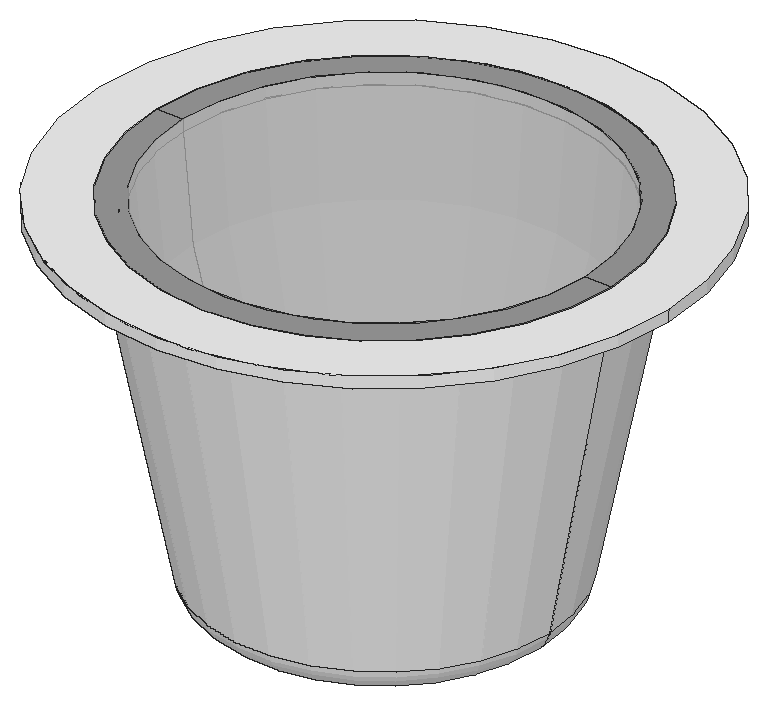
Revit family "2060525 Sylvania Lighting Fixture ASCENT100 II ARCH 1200 4K STD 120", category Lighting Fixtures, host Face, Revit 2016
Family settings
  Host = Face
  Part Type = Normal
  Round Connector Dimension = Use Diameter
  OmniClass Number = 23.80.70.11.17
  OmniClass Title = Specialized Lighting by Location or Use
  Cut with Voids When Loaded = No
  Light Source = Yes
  Shared = No
  Room Calculation Point = No
Parameters (values of type "2060525 ASCT100 II ARCH 1200 4K STD 120")
  Weight = "0.715 kg"
  WarrantyStartDate [instance] = "n/a"
  WarrantyGuarantorParts = "n/a"
  WarrantyDurationUnit = "n/a"
  WarrantyDurationParts = "n/a"
  WarrantyDescription = "n/a"
  Voltage = 0 V
  TypeName = "ASCENT100 II ARCH 1200 4K STD 120"
  SerialNumber [instance] = "n/a"
  ReflectorRadius_SYL = Radius_SYL - 15.0 mm  # 60.0 mm
  PowerFactor = 0
  PowerConsumption = "10 W"
  NominalWidth = 0.0 mm
  NominalLength = 0.0 mm
  NominalHeight = 94.0 mm
  Name = "ASCENT100 II ARCH 1200 4K STD 120"
  ModelReference = "ASCENT100 II ARCH 1200 4K STD 120"
  ModelNumber = "2060525"
  Material_4_SYL = Aluminium_Sylvania_Ascent_Silver
  Radius_SYL = 75.0 mm
  Wattage = 10 W
  built-in parameter 1150110 = 1 (stored number, unit not read)
  URL = "http://www.sylvania-lighting.com"
  built-in parameter 1114217 = 1 (stored number, unit not read)
  Tilt Angle = -90°
  built-in parameter 1150109 = 1 (stored number, unit not read)
  built-in parameter 1150134 = 12
  built-in parameter 1150113 = 1 (stored number, unit not read)
  Photometric Web File = "2060525.ies"
  Material = "aluminium housing, acrylic diffuser"
  ManufacturerName = "Feilo Sylvania"
  LuminousEfficacy = "123 lm/W"
  LuminaireType = ""
  LightOutputRatio = "100"
  LampsType = Lamp  # "LED"
  LampNominalLuminous = "1228 lm"
  LampMacAdamStep = "n/a"
  LampColourTemperature = "4000 K"
  LampColourRenderingIndex = "80"
  Keynote = "16500"
  InstallationDate [instance] = "n/a"
  InputVoltage = "n/a"
  InputNominalFrequency = "n/a"
  IngressProtection = "IP40"
  ImpactProtectionIndex = "IK02"
  IfcExportType = "IfcLightFixtureType"
  IfcExportAs = "IfcLightFixtureType"
  Height_SYL = 94.0 mm
  ExpectedLife = 50000
  Emit from Circle Diameter = 2 * DiffuserRadius_SYL  # 106.0 mm
  Emit Shape Visible in Rendering = no
  ElectricShockClassification = "Class II"
  DurationUnit = "hours"
  DocumentationLiterature = "http://www.sylvania-lighting.com/product/en-int/products/2060525"
  DimmingControlOptions = "n/a"
  DiffuserRadius_SYL = ReflectorRadius_SYL - 7.0 mm  # 53.0 mm
  Material_3_SYL = Polycarbonate_Sylvania_Ascent_Clear
  Diameter_SYL = 2 * Radius_SYL  # 150.0 mm
  CutoutDiameter_SYL = Diameter_SYL - 13.0 mm  # 137.0 mm
  CreatedOn = "9/17/2018"
  CreatedBy = "@sylvania-lighting.com"
  built-in parameter 1114216 [instance] = 1 (stored number, unit not read)
  Model = "ASCENT100 II ARCH 1200 4K STD 120"
  Manufacturer = "Feilo Sylvania"
  built-in parameter 1150105 = 97.88 (stored number, unit not read)
  Lumens = 1230 lm
  built-in parameter 1150115 = 1 (stored number, unit not read)
  built-in parameter 1150137 = (empty or 0)
  built-in parameter 1150139 = (empty or 0)
  built-in parameter 1150112 = 1 (stored number, unit not read)
  built-in parameter 1150114 = 1 (stored number, unit not read)
  Lamp = "LED"
  built-in parameter 1150132 = 2
  built-in parameter 1150102 = (empty or 0)
  built-in parameter 1150107 = 4000 (stored number, unit not read)
  built-in parameter 1150138 = (empty or 0)
  built-in parameter 1150106 = 0.9788 (stored number, unit not read)
  Material_1_SYL = Aluminum_Sylvania_Ascent_White
  built-in parameter 1150104 = 11.427 (stored number, unit not read)
  Dimming Lamp Color Temperature Shift = <None>
  Description = "Direct LED retro fit for original LED 100 Arch (120) single CFL lamp offering Matching lumen levels and improved light distribution of original LED 100 CFL lamp equivalents Typically half the power consumption compared to CFL Up to 104lm/W 120mm aperture Architectural reflector accepts range of glass accessories from existing LED 100 Arch 120 offering HE, HO and VHO versions equivalent of single 1 x 13W, 1 x 18W, 1 x 26W Additional VVHO versions which offer the performance circa 2 x 26W equivalent"  # constant formula
  Default Elevation = 0.0 mm
  Color Filter = 16777215
  built-in parameter 1140040 [instance] = 1
  BarCode [instance] = "n/a"
  built-in parameter 1114218 = 1 (stored number, unit not read)
  built-in parameter 1150133 = 10 (stored number, unit not read)
  AssetType = "Fixed"
  AssetIdentifier [instance] = "n/a"
  Assembly Code = "D5020200"
  Apparent Load = 10 VA
  Aperture_SYL = 2 * ReflectorRadius_SYL  # 120.0 mm
  Material_2_SYL = Aluminum_Sylvania_Ascent_White
Reference planes
  plane 1 "Center (Front/Back)": y = 0
  plane 2: z = 0
  plane 3 "Center (Left/Right)": x = 0
  plane 4 "Fixture Bottom": z = 3
  plane 5: z = -52.5
  plane 6 "Fixture Top": z = -91
Forms (mm)
  Extrusion 1, solid, material "Aluminum_Sylvania_Ascent_White" <- "Material_2_SYL", detail levels fine
    sketch origin (0, 0, 0) x (1, 0, 0) y (0, 1, 0)
      loop
        circle (0, 0) r 75
      loop
        circle (0, 0) r 60
    from 0 to 3
  Extrusion 2, void
    sketch origin (0, 0, 0) x (1, 0, 0) y (0, 1, 0)
      loop
        circle (0, 0) r 68.5
    from -91 to 3
  Revolve 3, solid, material "Aluminum_Sylvania_Ascent_White" <- "Material_1_SYL", detail levels fine
    sketch origin (0, 0, 0) x (1, 0, 0) y (0, 0, 1)
      loop
        line (0, -91.073) -> (0, -89.023) -> (-35.468, -89.014)
        arc (-35.468, -89.014) -> (-39.352, -87.613) -> (-41.54, -84.139) r 6.307
        line (-41.54, -84.139) -> (-57.991, -2.844) -> (-57.991, 0) -> (-60, 0) -> (-60, -3) -> (-43.5, -84.536)
        arc (-43.5, -84.536) -> (-40.643, -89.203) -> (-35.5, -91.073) r 8.291
        line (-35.5, -91.073) -> (0, -91.073)
      axis (0, 0) -> (0, -91.073)
    angle from 0 to 360
  Revolve 4, solid, material "Aluminium_Sylvania_Ascent_Silver" <- "Material_4_SYL", detail levels fine
    sketch origin (0, 0, 0) x (1, 0, 0) y (0, 0, 1)
      loop
        line (-60, 3) -> (-60, 0) -> (-55, 0)
        arc (-55, 0) -> (-52.349, -26.77) -> (-44.5, -52.5) r 136.5
        line (-44.5, -52.5) -> (-38, -52.5)
        arc (-38, -52.5) -> (-36.857, -61.521) -> (-33.5, -69.971) r 36.166
        line (-33.5, -69.971) -> (0, -69.971) -> (0, -50.5) -> (-43.16, -50.5)
        arc (-43.16, -50.5) -> (-50.517, -25.725) -> (-53, 0) r 134.5
        line (-53, 0) -> (-53, 3) -> (-60, 3)
      axis (0, 3) -> (0, -69.971)
    angle from 0 to 360
  Extrusion 5, solid, material "Polycarbonate_Sylvania_Ascent_Clear" <- "Material_3_SYL", detail levels fine
    sketch origin (0, 0, 0) x (1, 0, 0) y (0, 1, 0)
      loop
        circle (0, 0) r 53
    from 0 to 3
  Revolve 6, solid, material "Aluminum_Sylvania_Ascent_White" <- "Material_2_SYL", detail levels coarse+medium
    sketch origin (0, 0, 0) x (1, 0, 0) y (0, 0, 1)
      loop
        line (0, -91.073) -> (0, 3) -> (-75, 3) -> (-75, 0) -> (-60, 0) -> (-60, -3) -> (-43.5, -84.536)
        arc (-43.5, -84.536) -> (-40.643, -89.203) -> (-35.5, -91.073) r 8.291
        line (-35.5, -91.073) -> (0, -91.073)
      axis (0, 3) -> (0, -91.073)
    angle from 0 to 360
Dimensions and locks
  locked: plane 4 "Fixture Bottom" to plane 2 at 3
  "Height_SYL": plane 4 "Fixture Bottom" to plane 6 "Fixture Top"
  "ReflectorRadius_SYL": plane 3 "Center (Left/Right)" to Revolve 4 sketch curve
  locked: Revolve 4 sketch curve to Revolve 4 sketch curve at 15.5
  locked: Revolve 4 sketch curve to Revolve 4 sketch curve at 5
  locked: Revolve 4 sketch curve to Revolve 4 sketch curve at 7
  locked: Revolve 4 sketch curve to Revolve 4 sketch curve at 22
  locked: Revolve 4 sketch curve to Revolve 4 sketch curve at 26.5
  locked: Revolve 3 sketch curve to Revolve 3 sketch curve at 16.5
  locked: Revolve 3 sketch curve to Revolve 3 sketch curve at 24.5
  "ReflectorRadius_SYL": Revolve 3 sketch curve to plane 3 "Center (Left/Right)"
  locked: Revolve 3 sketch curve to plane 6 "Fixture Top" at 6.464
  locked: plane 2 to Revolve 3 sketch curve at 3
  locked: Revolve 3 sketch curve to Revolve 3 sketch curve at 2
  locked: Revolve 3 sketch curve to Revolve 3 sketch curve at 2.009
  locked: plane 2 to plane 5 at 52.5
  locked: Revolve 6 sketch curve to Revolve 6 sketch curve at 31.5
  locked: Revolve 6 sketch curve to Revolve 6 sketch curve at 39.5
  locked: Revolve 6 sketch curve to Revolve 6 sketch curve at 15
  "Radius_SYL": plane 3 "Center (Left/Right)" to Revolve 6 sketch curve
  "CutoutDiameter_SYL": diameter of Extrusion 2 sketch curve
  "ReflectorRadius_SYL": radius of Extrusion 1 sketch curve
  "DiffuserRadius_SYL": radius of Extrusion 5 sketch curve
  "Radius_SYL": radius of Extrusion 1 sketch curve
  aligned and locked: host face to plane 2
  aligned and locked: host face to level
  aligned and locked: plane 1 "Center (Front/Back)" to imposter light
  aligned and locked: plane 3 "Center (Left/Right)" to imposter light
  aligned and locked: plane 4 "Fixture Bottom" to Extrusion 1
  aligned and locked: Extrusion 1 to plane 2
  aligned and locked: Revolve 3 sketch curve to plane 3 "Center (Left/Right)"
  aligned and locked: Revolve 4 sketch curve to plane 3 "Center (Left/Right)"  (x2)
  aligned and locked: plane 4 "Fixture Bottom" to Revolve 4 sketch curve
  aligned and locked: Revolve 3 sketch curve to imposter light
  aligned and locked: Extrusion 5 to plane 2
  aligned and locked: imposter light to Extrusion 5
  aligned and locked: plane 2 to Revolve 3 sketch curve  (x2)
  aligned and locked: Revolve 6 sketch curve to imposter light
  aligned and locked: Revolve 6 sketch curve to plane 3 "Center (Left/Right)"
  aligned and locked: plane 6 "Fixture Top" to Extrusion 2
  aligned and locked: imposter light to Extrusion 2
  aligned and locked: imposter light to plane 4 "Fixture Bottom"
Automatic sketch dimensions
  plane 1 "Center (Front/Back)" to Extrusion 2 sketch curve = 0.0 mm
  Extrusion 2 sketch curve to plane 3 "Center (Left/Right)" = 0.0 mm
  Extrusion 1 sketch curve to Extrusion 1 sketch curve = 0.0 mm  (x2)
  plane 1 "Center (Front/Back)" to Extrusion 1 sketch curve = 0.0 mm
  Extrusion 1 sketch curve to plane 3 "Center (Left/Right)" = 0.0 mm
  plane 6 "Fixture Top" to Revolve 3 sketch curve = 0.073 mm
  Revolve 3 sketch curve to plane 6 "Fixture Top" = 6.861 mm
  Revolve 3 sketch curve to Revolve 3 sketch curve = 0.003 mm
  Revolve 3 sketch curve to Revolve 3 sketch curve = 0.009 mm  (x2)
  Revolve 3 sketch curve to Revolve 3 sketch curve = 0.023 mm
  Revolve 3 sketch curve to Revolve 3 sketch curve = 0.072 mm
  Revolve 3 sketch curve to Revolve 3 sketch curve = 0.008 mm
  Revolve 3 sketch curve to plane 6 "Fixture Top" = 1.977 mm
  Revolve 3 sketch curve to Revolve 3 sketch curve = 33.496 mm
  Revolve 3 sketch curve to Revolve 3 sketch curve = 0.028 mm
  plane 4 "Fixture Bottom" to Revolve 3 sketch curve = 82.431 mm
  Revolve 4 sketch curve to Revolve 4 sketch curve = 0.0 mm  (x2)
  Revolve 4 sketch curve to plane 5 = 0.0 mm
  Revolve 4 sketch curve to level = 0.0 mm
  plane 5 to Revolve 4 sketch curve = 2.0 mm
  plane 4 "Fixture Bottom" to Revolve 4 sketch curve = 9.642 mm
  plane 1 "Center (Front/Back)" to Extrusion 5 sketch curve = 0.0 mm
  Extrusion 5 sketch curve to plane 3 "Center (Left/Right)" = 0.0 mm
  Revolve 4 sketch curve to level = 69.971 mm
  Revolve 4 sketch curve to Revolve 4 sketch curve = 2.387 mm
  Revolve 6 sketch curve to level = 0.0 mm
  Revolve 6 sketch curve to plane 3 "Center (Left/Right)" = 0.0 mm
  Revolve 6 sketch curve to Revolve 6 sketch curve = 8.104 mm
  Revolve 6 sketch curve to level = 3.0 mm
  Revolve 6 sketch curve to plane 6 "Fixture Top" = 6.464 mm
  plane 6 "Fixture Top" to Revolve 6 sketch curve = 0.073 mm
  Revolve 6 sketch curve to Revolve 6 sketch curve = 33.496 mm
  plane 4 "Fixture Bottom" to Revolve 6 sketch curve = 82.431 mm
  host sketch curve to host sketch curve = 1368.192 mm
  host sketch curve to host sketch curve = 1600.367 mm
Connectors
  electrical at (0, 0, -91.073), driven by "Apparent Load"
    settings: on Revolve 3, index 1, voltage 240 V, apparent load 0 VA, apparent load phase1 10 VA, apparent load phase2 0 VA, apparent load phase3 0 VA, power factor 1, load classification "Lighting", number of poles 1, system type 31, power factor state 1, is connector primary yes, connector utility no, sub classification motor no, connector description ""
